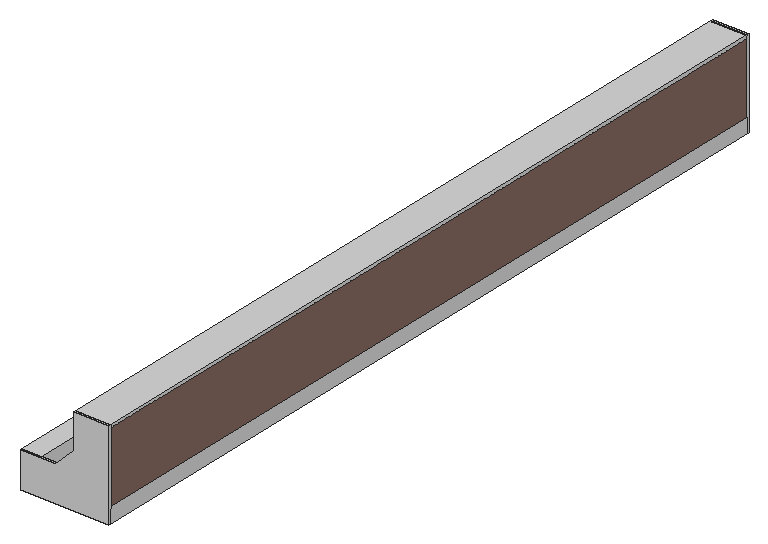
Revit family "ORMA_ORMA INSIDE CORNER 2,7_1900089", category Generic Models, Revit 2018
Family settings
  Can host rebar = No
  Round Connector Dimension = Use Diameter
  Part Type = Normal
  OmniClass Number = 35.51.14.00
  OmniClass Title = FORMWORK
  Work Plane-Based = Yes
  Always vertical = No
  Cut with Voids When Loaded = No
  Shared = Yes
  Room Calculation Point = No
Parameters
  VERSION = "20190101"  # constant formula
  URL = "www.ulmaconstruction.com/en"
  UNICLASS = ""
  ITEM_CODE = "1900089"
  Manufacturer = "ULMA CONSTRUCTION"  # constant formula
  FILTER [instance] = ""
  Default Elevation = 0.000 mm
  CLASSIFICATION_TITLE = ""
  CLASSIFICATION_NUMBER = ""
Reference planes
  plane 1 "Centro (Frontal/Posterior)": y = 0
  plane 2: z = 0
  plane 3 "Centro (Izquierda/Derecha)": x = 0
  plane 4 "ITEM_HEIGHT": y = 2700
  plane 5 "TIE HOLE 2": y = 2140
  plane 6 "TIE HOLE 1": y = 560
  plane 7: x = -227
  plane 8 "EXT HOLE 1": y = 450
  plane 9 "EXT HOLE 2": y = 1050
  plane 10 "EXT HOLE 3": y = 1650
  plane 11 "EXT HOLE 4": y = 2250
  plane 12 "EXT HOLE 5": y = 2850
  plane 13 "TIE HOLE 3": y = 2700
  plane 14 "LEFT TIES": x = -271.5
  plane 15 "RIGHT TIES": z = 271.5
  plane 16 "LEFT RIB HOLES": x = -180
  plane 17 "RIGHT RIB HOLES": z = 180
Forms (mm)
  Extrusion 1, solid, material "ULMA ZINC", detail levels fine
    sketch origin (-300, 0, 0.001) x (1, 0, 0) y (0, 0, 1)
      loop
        line (11.2, 20.001) -> (65, 20.001) -> (64.999, 26.501)
        arc (64.999, 26.501) -> (63.974, 28.976) -> (61.499, 30.001) r 3.5
        line (61.499, 30.001) -> (54.999, 30.001)
        arc (54.999, 30.001) -> (53.231, 30.733) -> (52.499, 32.501) r 2.5
        line (52.499, 32.501) -> (52.499, 48.039)
        arc (52.499, 48.039) -> (52.915, 49.421) -> (54.025, 50.344) r 2.504
        line (54.025, 50.344) -> (61.342, 53.448)
        arc (61.342, 53.448) -> (64.002, 55.66) -> (65, 58.973) r 6.001
        line (65, 58.973) -> (65, 120) -> (0, 120) -> (0, 0) -> (11.2, 0) -> (11.2, 20.001)
    from -2692 to -8
  Extrusion 2, solid, material "ULMA ZINC", detail levels fine
    sketch origin (-0.001, 0, 300) x (0, 0, -1) y (1, 0, 0)
      loop
        line (11.2, -20.001) -> (11.2, 0) -> (0, 0) -> (0, -120) -> (65, -120) -> (65, -58.973)
        arc (65, -58.973) -> (64.002, -55.66) -> (61.342, -53.448) r 6.001
        line (61.342, -53.448) -> (54.025, -50.344)
        arc (54.025, -50.344) -> (52.915, -49.421) -> (52.499, -48.039) r 2.504
        line (52.499, -48.039) -> (52.499, -32.501)
        arc (52.499, -32.501) -> (53.231, -30.733) -> (54.999, -30.001) r 2.5
        line (54.999, -30.001) -> (61.499, -30.001)
        arc (61.499, -30.001) -> (63.974, -28.976) -> (64.999, -26.501) r 3.5
        line (64.999, -26.501) -> (65, -20.001) -> (11.2, -20.001)
    from -2692 to -8
  Extrusion 3, solid, material "ULMA ZINC", detail levels fine
    sketch origin (0, 0, 0) x (1, 0, 0) y (0, 0, 1)
      loop
        line (-75, 20) -> (-50, 20) -> (-50, 0) -> (0, 0) -> (0, 50) -> (-20.001, 50) -> (-20.001, 75) -> (-23.001, 75) -> (-23.001, 47) -> (-3, 47) -> (-3, 3) -> (-47, 3) -> (-47, 23) -> (-75, 23) -> (-75, 20)
    from -2692 to -8
  Extrusion 4, solid, material "ULMA PLYWOOD", detail levels fine
    sketch origin (0, 0, 0) x (1, 0, 0) y (0, 0, 1)
      loop
        line (-288.8, 20.003) -> (-288.8, 0) -> (-50, 0) -> (-50, 20.003) -> (-288.8, 20.003)
    from -2692 to -8
  Extrusion 5, solid, material "ULMA PLYWOOD", detail levels fine
    sketch origin (0, 0, 0) x (1, 0, 0) y (0, 0, 1)
      loop
        line (-20.001, 50) -> (-0.001, 50) -> (-0.001, 288.8) -> (-20.001, 288.8) -> (-20.001, 50)
    from -2692 to -8
  Extrusion 6, solid, material "ULMA ZINC", detail levels fine
    sketch origin (0, 0, 0) x (1, 0, 0) y (0, 0, 1)
      loop
        line (-120, 300) -> (-120, 180) -> (-180, 120) -> (-300, 120) -> (-300, 0) -> (-0.001, 0) -> (-0.001, 300) -> (-120, 300)
    from -8 to 0
  Extrusion 7, solid, material "ULMA ZINC", detail levels fine
    sketch origin (0, 600, 0) x (1, 0, 0) y (0, 0, 1)
      loop
        line (-120, 300) -> (-120, 180) -> (-180, 120) -> (-300, 120) -> (-300, 0) -> (-0.001, 0) -> (-0.001, 300) -> (-120, 300)
    from -2100 to -2092
  Extrusion 8, solid, material "ULMA ZINC", detail levels fine
    sketch origin (0, 35, 0) x (1, 0, 0) y (0, 0, 1)
      loop
        line (-235, 120.001) -> (-235, 20.001) -> (-75, 20.001) -> (-75, 23) -> (-45.001, 23) -> (-45.001, 45.001) -> (-23.001, 45.001) -> (-23.001, 75) -> (-20.001, 75) -> (-20.001, 235.001) -> (-120.001, 235.001) -> (-120.001, 120.001) -> (-235, 120.001)
    from -330 to -270
  Extrusion 9, solid, material "ULMA ZINC", detail levels fine
    sketch origin (0, 370, 0) x (1, 0, 0) y (0, 0, 1)
      loop
        line (-235, 120.001) -> (-235, 20.001) -> (-75, 20.001) -> (-75, 23) -> (-45.001, 23) -> (-45.001, 45.001) -> (-23.001, 45.001) -> (-23.001, 75) -> (-20.001, 75) -> (-20.001, 235.001) -> (-120.001, 235.001) -> (-120.001, 120.001) -> (-235, 120.001)
    from -330 to -270
  Extrusion 10, solid, material "ULMA ZINC", detail levels fine
    sketch origin (0, 675, 0) x (1, 0, 0) y (0, 0, 1)
      loop
        line (-235, 120.001) -> (-235, 20.001) -> (-75, 20.001) -> (-75, 23) -> (-45.001, 23) -> (-45.001, 45.001) -> (-23.001, 45.001) -> (-23.001, 75) -> (-20.001, 75) -> (-20.001, 235.001) -> (-120.001, 235.001) -> (-120.001, 120.001) -> (-235, 120.001)
    from -330 to -270
  Extrusion 11, solid, material "ULMA ZINC", detail levels fine
    sketch origin (0, 1050, 0) x (1, 0, 0) y (0, 0, 1)
      loop
        line (-235, 120.001) -> (-235, 20.001) -> (-75, 20.001) -> (-75, 23) -> (-45.001, 23) -> (-45.001, 45.001) -> (-23.001, 45.001) -> (-23.001, 75) -> (-20.001, 75) -> (-20.001, 235.001) -> (-120.001, 235.001) -> (-120.001, 120.001) -> (-235, 120.001)
    from -330 to -270
  Extrusion 12, solid, material "ULMA ZINC", detail levels fine
    sketch origin (0, 1425, 0) x (1, 0, 0) y (0, 0, 1)
      loop
        line (-235, 120.001) -> (-235, 20.001) -> (-75, 20.001) -> (-75, 23) -> (-45.001, 23) -> (-45.001, 45.001) -> (-23.001, 45.001) -> (-23.001, 75) -> (-20.001, 75) -> (-20.001, 235.001) -> (-120.001, 235.001) -> (-120.001, 120.001) -> (-235, 120.001)
    from -330 to -270
  Extrusion 13, solid, material "ULMA ZINC", detail levels fine
    sketch origin (0, 1730, 0) x (1, 0, 0) y (0, 0, 1)
      loop
        line (-235, 120.001) -> (-235, 20.001) -> (-75, 20.001) -> (-75, 23) -> (-45.001, 23) -> (-45.001, 45.001) -> (-23.001, 45.001) -> (-23.001, 75) -> (-20.001, 75) -> (-20.001, 235.001) -> (-120.001, 235.001) -> (-120.001, 120.001) -> (-235, 120.001)
    from -330 to -270
  Extrusion 14, solid, material "ULMA ZINC", detail levels fine
    sketch origin (0, 2065, 0) x (1, 0, 0) y (0, 0, 1)
      loop
        line (-235, 120.001) -> (-235, 20.001) -> (-75, 20.001) -> (-75, 23) -> (-45.001, 23) -> (-45.001, 45.001) -> (-23.001, 45.001) -> (-23.001, 75) -> (-20.001, 75) -> (-20.001, 235.001) -> (-120.001, 235.001) -> (-120.001, 120.001) -> (-235, 120.001)
    from -330 to -270
  Extrusion 15, solid, material "ULMA ZINC", detail levels fine
    sketch origin (0, -600, 0) x (0, 1, 0) y (0, 0, 1)
      loop
        circle (2850, 85) r 19
    from -235 to -227
  Extrusion 16, solid, material "ULMA ZINC", detail levels fine
    sketch origin (0, -1200, 0) x (0, 1, 0) y (0, 0, 1)
      loop
        circle (2850, 85) r 19
    from -235 to -227
  Extrusion 17, solid, material "ULMA ZINC", detail levels fine
    sketch origin (0, -1800, 0) x (0, 1, 0) y (0, 0, 1)
      loop
        circle (2850, 85) r 19
    from -235 to -227
  Extrusion 18, solid, material "ULMA ZINC", detail levels fine
    sketch origin (0, -2400, 0) x (0, 1, 0) y (0, 0, 1)
      loop
        circle (2850, 85) r 19
    from -235 to -227
  Extrusion 19, solid, material "ULMA ZINC", detail levels fine
    sketch origin (0, 0, 0) x (0, 1, 0) y (0, 0, 1)
      loop
        line (2667, 45.003) -> (2667, 20.003) -> (2692, 20.003) -> (2692, 45.003) -> (2667, 45.003)
    from -235 to -75
  Extrusion 20, solid, material "ULMA ZINC", detail levels fine
    sketch origin (0, 0, 0) x (0, 1, 0) y (0, 0, 1)
      loop
        line (8, 20.003) -> (33, 20.003) -> (33, 45.003) -> (8, 45.003) -> (8, 20.003)
    from -235 to -75
  Extrusion 21, solid, material "ULMA ZINC", detail levels fine
    sketch origin (0, 0, 0) x (1, 0, 0) y (0, 1, 0)
      loop
        line (-45.001, 33) -> (-45.001, 8) -> (-20.001, 8) -> (-20.001, 33) -> (-45.001, 33)
    from 75 to 235
  Extrusion 22, solid, material "ULMA ZINC", detail levels fine
    sketch origin (0, 0, 0) x (1, 0, 0) y (0, 1, 0)
      loop
        line (-45.001, 2692) -> (-45.001, 2667) -> (-20.001, 2667) -> (-20.001, 2692) -> (-45.001, 2692)
    from 75 to 235
  Extrusion 23, solid, material "ULMA ZINC", detail levels fine
    sketch origin (0, -600, 0) x (1, 0, 0) y (0, 1, 0)
      loop
        circle (-84.999, 2850) r 19
    from 227.001 to 235
  Extrusion 24, solid, material "ULMA ZINC", detail levels fine
    sketch origin (0, -1200, 0) x (1, 0, 0) y (0, 1, 0)
      loop
        circle (-84.999, 2850) r 19
    from 227.001 to 235
  Extrusion 25, solid, material "ULMA ZINC", detail levels fine
    sketch origin (0, -1800, 0) x (1, 0, 0) y (0, 1, 0)
      loop
        circle (-84.999, 2850) r 19
    from 227.001 to 235
  Extrusion 26, solid, material "ULMA ZINC", detail levels fine
    sketch origin (0, -2400, 0) x (1, 0, 0) y (0, 1, 0)
      loop
        circle (-84.999, 2850) r 19
    from 227.001 to 235
  Extrusion 27, solid, material "ULMA ZINC", detail levels coarse+medium
    sketch origin (0, 0, 0) x (1, 0, 0) y (0, 0, 1)
      loop
        line (-300, 0) -> (-0.001, 0) -> (-0.001, 300) -> (-120, 300) -> (-120, 120) -> (-300, 120) -> (-300, 0)
    from 0 to -2700
Lines and regions (mm)
  model lines, style "ULMA PANELS", detail levels fine
    curve 1: circle (-15, 0, 15) r 10 normal (0, -1, 0)
    curve 2: circle (-180.001, 0, 80.001) r 10 normal (0, -1, 0)
    curve 3: circle (-80.001, 0, 180.001) r 10 normal (0, -1, 0)
    curve 4: circle (-15, 8, 15) r 10 normal (0, -1, 0)
    curve 5: circle (-180, 8, 80.001) r 10 normal (0, -1, 0)
    curve 6: circle (-80.001, 8, 180.001) r 10 normal (0, -1, 0)
    curve 7: circle (-15, 2692, 15) r 10 normal (0, -1, 0)
    curve 8: circle (-180.001, 2692, 80.001) r 10 normal (0, -1, 0)
    curve 9: circle (-80.001, 2692, 180.001) r 10 normal (0, -1, 0)
    curve 10: circle (-15, 2700, 15) r 10 normal (0, -1, 0)
    curve 11: circle (-180.001, 2700, 80.001) r 10 normal (0, -1, 0)
    curve 12: circle (-80.001, 2700, 180.001) r 10 normal (0, -1, 0)
    curve 13: arc (-256, 567.5, 120.001) -> (-271.5, 583, 120.001) -> (-287, 567.5, 120.001) r 15.5
    curve 14: line (-287, 552.5, 120.001) -> (-287, 567.5, 120.001)
    curve 15: line (-256, 567.5, 120.001) -> (-256, 552.5, 120.001)
    curve 16: arc (-287, 552.5, 120.001) -> (-271.5, 537, 120.001) -> (-256, 552.5, 120.001) r 15.5
    curve 17: circle (-271.5, 560, 120.001) r 13 normal (0, 0, 1)
    curve 18: circle (-271.5, 560, 0) r 13 normal (0, 0, 1)
    curve 19: arc (-256, 2147.5, 120.001) -> (-271.5, 2163, 120.001) -> (-287, 2147.5, 120.001) r 15.5
    curve 20: line (-287, 2132.5, 120.001) -> (-287, 2147.5, 120.001)
    curve 21: line (-256, 2147.5, 120.001) -> (-256, 2132.5, 120.001)
    curve 22: arc (-287, 2132.5, 120.001) -> (-271.5, 2117, 120.001) -> (-256, 2132.5, 120.001) r 15.5
    curve 23: circle (-271.5, 2140, 120.001) r 13 normal (0, 0, 1)
    curve 24: circle (-271.5, 2140, 0) r 13 normal (0, 0, 1)
    curve 25: arc (-120.001, 2147.5, 287) -> (-120.001, 2163, 271.5) -> (-120.001, 2147.5, 256) r 15.5
    curve 26: line (-120.001, 2132.5, 256) -> (-120.001, 2147.5, 256)
    curve 27: line (-120.001, 2147.5, 287) -> (-120.001, 2132.5, 287)
    curve 28: arc (-120.001, 2132.5, 256) -> (-120.001, 2117, 271.5) -> (-120.001, 2132.5, 287) r 15.5
    curve 29: circle (-120.001, 2140, 271.5) r 13 normal (-1, 0, 0)
    curve 30: circle (0, 2140, 271.5) r 13 normal (-1, 0, 0)
    curve 31: arc (-120.001, 567.5, 287) -> (-120.001, 583, 271.5) -> (-120.001, 567.5, 256) r 15.5
    curve 32: line (-120.001, 552.5, 256) -> (-120.001, 567.5, 256)
    curve 33: line (-120.001, 567.5, 287) -> (-120.001, 552.5, 287)
    curve 34: arc (-120.001, 552.5, 256) -> (-120.001, 537, 271.5) -> (-120.001, 552.5, 287) r 15.5
    curve 35: circle (-120.001, 560, 271.5) r 13 normal (-1, 0, 0)
    curve 36: circle (0, 560, 271.5) r 13 normal (-1, 0, 0)
    curve 37: circle (-180, 305, 80.001) r 10.25 normal (0, -1, 0)
    curve 38: circle (-80.001, 305, 180) r 10.25 normal (0, -1, 0)
    curve 39: circle (-180, 365, 80.001) r 10.25 normal (0, -1, 0)
    curve 40: circle (-80.001, 365, 180) r 10.25 normal (0, -1, 0)
    curve 41: circle (-180.001, 640, 80.001) r 10.25 normal (0, -1, 0)
    curve 42: circle (-80.001, 640, 180.001) r 10.25 normal (0, -1, 0)
    curve 43: circle (-180.001, 700, 80.001) r 10.25 normal (0, -1, 0)
    curve 44: circle (-80.001, 700, 180.001) r 10.25 normal (0, -1, 0)
    curve 45: circle (-180.001, 945, 80.001) r 10.25 normal (0, -1, 0)
    curve 46: circle (-80.001, 945, 180.001) r 10.25 normal (0, -1, 0)
    curve 47: circle (-180.001, 1005, 80.001) r 10.25 normal (0, -1, 0)
    curve 48: circle (-80.001, 1005, 180.001) r 10.25 normal (0, -1, 0)
    curve 49: circle (-180.001, 1320, 80.001) r 10.25 normal (0, -1, 0)
    curve 50: circle (-80.001, 1320, 180.001) r 10.25 normal (0, -1, 0)
    curve 51: circle (-180.001, 1380, 80.001) r 10.25 normal (0, -1, 0)
    curve 52: circle (-80.001, 1380, 180.001) r 10.25 normal (0, -1, 0)
    curve 53: circle (-180.001, 1695, 80.001) r 10.25 normal (0, -1, 0)
    curve 54: circle (-80.001, 1695, 180.001) r 10.25 normal (0, -1, 0)
    curve 55: circle (-180.001, 1755, 80.001) r 10.25 normal (0, -1, 0)
    curve 56: circle (-80.001, 1755, 180.001) r 10.25 normal (0, -1, 0)
    curve 57: circle (-180.001, 2000, 80.001) r 10.25 normal (0, -1, 0)
    curve 58: circle (-80.001, 2000, 180.001) r 10.25 normal (0, -1, 0)
    curve 59: circle (-180.001, 2060, 80.001) r 10.25 normal (0, -1, 0)
    curve 60: circle (-80.001, 2060, 180.001) r 10.25 normal (0, -1, 0)
    curve 61: circle (-180.001, 2335, 80.001) r 10.25 normal (0, -1, 0)
    curve 62: circle (-80.001, 2335, 180.001) r 10.25 normal (0, -1, 0)
    curve 63: circle (-180.001, 2395, 80.001) r 10.25 normal (0, -1, 0)
    curve 64: circle (-80.001, 2395, 180.001) r 10.25 normal (0, -1, 0)
    curve 65: circle (-227, 2250, 85) r 11 normal (1, 0, 0)
    curve 66: circle (-300, 2250, 85) r 11 normal (1, 0, 0)
    curve 67: circle (-227, 1650, 85) r 11 normal (1, 0, 0)
    curve 68: circle (-300, 1650, 85) r 11 normal (1, 0, 0)
    curve 69: circle (-227, 1050, 85) r 11 normal (1, 0, 0)
    curve 70: circle (-300, 1050, 85) r 11 normal (1, 0, 0)
    curve 71: circle (-227, 450, 85) r 11 normal (1, 0, 0)
    curve 72: circle (-300, 450, 85) r 11 normal (1, 0, 0)
    curve 73: circle (-84.999, 2250, 227.001) r 11 normal (0, 0, 1)
    curve 74: circle (-84.999, 2250, 300) r 11 normal (0, 0, 1)
    curve 75: circle (-84.999, 1650, 227.001) r 11 normal (0, 0, 1)
    curve 76: circle (-84.999, 1650, 300) r 11 normal (0, 0, 1)
    curve 77: circle (-84.999, 1050, 227.001) r 11 normal (0, 0, 1)
    curve 78: circle (-84.999, 1050, 300) r 11 normal (0, 0, 1)
    curve 79: circle (-84.999, 450, 227.001) r 11 normal (0, 0, 1)
    curve 80: circle (-84.999, 450, 300) r 11 normal (0, 0, 1)
Dimensions and locks
  locked: plane 1 "Centro (Frontal/Posterior)" to plane 4 "ITEM_HEIGHT" at 2700
  locked: Extrusion 19 sketch curve to Extrusion 19 sketch curve at 25  (x2)
  locked: Extrusion 20 sketch curve to Extrusion 20 sketch curve at 25  (x2)
  locked: Extrusion 21 sketch curve to Extrusion 21 sketch curve at 25  (x2)
  locked: Extrusion 22 sketch curve to Extrusion 22 sketch curve at 25  (x2)
  aligned and locked: level to plane 2
  aligned and locked: plane 1 "Centro (Frontal/Posterior)" to Extrusion 6
  aligned and locked: plane 4 "ITEM_HEIGHT" to Extrusion 7
  aligned and locked: Extrusion 19 to Extrusion 1
  aligned and locked: Extrusion 19 to Extrusion 3
  aligned and locked: Extrusion 20 to Extrusion 1
  aligned and locked: Extrusion 20 to Extrusion 3
  aligned and locked: Extrusion 21 to Extrusion 3
  aligned and locked: Extrusion 21 to Extrusion 2
  aligned and locked: Extrusion 22 to Extrusion 3
  aligned and locked: Extrusion 22 to Extrusion 2
  aligned and locked: plane 4 "ITEM_HEIGHT" to Extrusion 27
